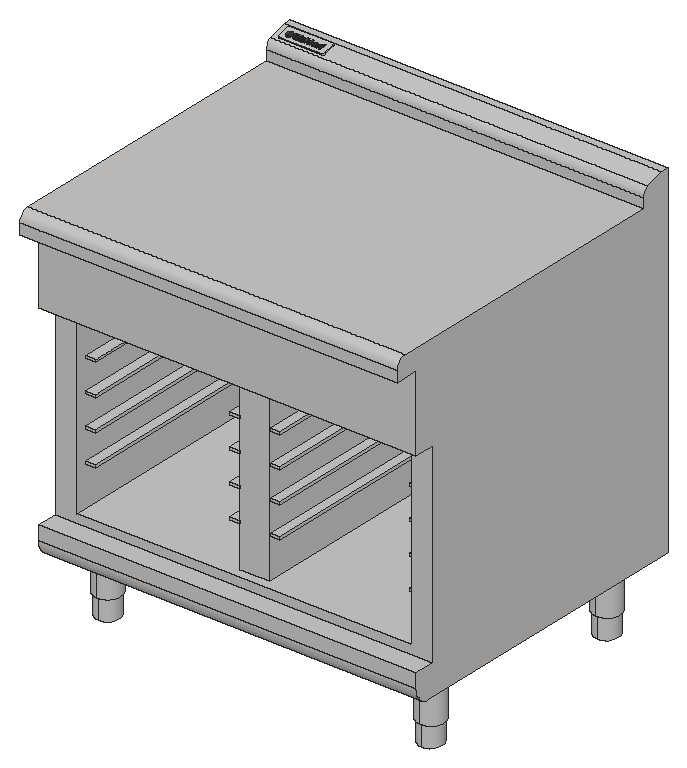
Revit family "QF_MOFFAT WALDORF_BTL8900-CB", category Specialty Equipment, Revit 2012
Parameters
  Weight in Pounds = 194.0066  # constant formula
  Width [instance] = 900.00 mm  # constant formula
  URL Cutsheet = "www.moffat.com"
  URL = "www.moffat.com"
  Type Mark [instance] = ""
  Status [instance] = ""
  Specification by User [instance] = ""
  Specification by Manufacturer = ""
  Show Logo [instance] = yes
  Show Casters [instance] = no
  Serial Number = ""
  Seismic Rating = ""
  SMACNA No = ""
  Revision Code [instance] = ""
  Omniclass Number and Title = ""
  NAFEM Spec ID Number = ""
  Model = "BTL8900-CB"
  Masterspec = ""
  Manufacturer = "MOFFAT WALDORF"
  Legs [instance] = not(Show Casters)  # yes
  Item Number [instance] = ""
  Installed By [instance] = ""
  Identify Quantity as Lot [instance] = yes
  Height = 972.00 mm  # constant formula
  Furnished By [instance] = ""
  Foodservice Equipment Identifier [instance] = yes
  Description = "BENCH TOP LOW SPLASHBACK ON CABINET BASE"
  Depth [instance] = 805.00 mm  # constant formula
  CSI MasterFormat = ""
  CSI Master Format = ""
  Back Splash [instance] = 215.00 mm  # constant formula
Reference planes
  plane 1 "BACK": y = 0
  plane 2: z = 0
  plane 3 "LEFT": x = 0
  plane 4 "RIGHT": x = 900
  plane 5 "FRONT": y = -805
  plane 6 "TOP": z = 972
  plane 7 "Center Y": x = 450
  plane 8 "Center X": y = -402.5
  plane 9 "Base Height": z = 150
  plane 10: z = 915
  plane 11: x = 65
  plane 12: x = 834.938
  plane 13: y = -625
  plane 14: y = -100
Forms (mm)
  Extrusion 1, solid, material "QF_Finishes_Stainless Steel"
    sketch origin (0, 0, 0) x (0, 1, 0) y (0, 0, 1)
      loop
        line (-144, 222.5) -> (-749, 222.5) -> (-749, 188)
        arc (-749, 188) -> (-737.87, 161.13) -> (-711, 150) r 38
        line (-711, 150) -> (0, 150) -> (0, 972) -> (-16.5, 972) -> (-58, 960.88)
        arc (-58, 960.88) -> (-66.785, 952.095) -> (-70, 940.095) r 24
        line (-70, 940.095) -> (-70, 917) -> (-781, 917)
        arc (-781, 917) -> (-797.971, 909.971) -> (-805, 893) r 24
        line (-805, 893) -> (-805, 868) -> (-749, 868) -> (-749, 687) -> (-144, 687) -> (-144, 222.5)
    from 0 to 900
  Revolve 2, solid, material "QF_Finishes_Stainless Steel", visible <- "Legs"
    sketch origin (65, -165, 0) x (0, 1, 0) y (0, 0, 1)
      loop
        line (33.25, 150) -> (33.25, 50) -> (37.5, 50) -> (37.5, 0) -> (65, 0) -> (65, 150) -> (33.25, 150)
      axis (65, 150) -> (65, 0)
    angle from 0 to 360
  Revolve 3, solid, material "QF_Finishes_Stainless Steel"
    sketch origin (65, -735, 0) x (0, 1, 0) y (0, 0, 1)
      loop
        line (78.25, 150) -> (78.25, 50) -> (82.5, 50) -> (82.5, 0) -> (110, 0) -> (110, 150) -> (78.25, 150)
      axis (110, 150) -> (110, 0)
    angle from 0 to 360
  Revolve 4, solid, material "QF_Finishes_Stainless Steel", visible <- "Legs"
    sketch origin (834.938, -165, 0) x (0, 1, 0) y (0, 0, -1)
      loop
        line (33.25, -150) -> (65, -150) -> (65, 0) -> (37.5, 0) -> (37.5, -50) -> (33.25, -50) -> (33.25, -150)
      axis (65, -150) -> (65, 0)
    angle from 0 to 360
  Revolve 5, solid, material "QF_Finishes_Stainless Steel"
    sketch origin (834.938, -735, 0) x (0, 1, 0) y (0, 0, -1)
      loop
        line (78.25, -150) -> (110, -150) -> (110, 0) -> (82.5, 0) -> (82.5, -50) -> (78.25, -50) -> (78.25, -150)
      axis (110, -150) -> (110, 0)
    angle from 0 to 360
  Extrusion 6, solid, material "QF_Finishes_Stainless Steel"
    sketch origin (0, -70, 1085.255) x (0, 0, -1) y (1, 0, 0)
      loop
        line (400.255, 850) -> (400.255, 50) -> (842.755, 50) -> (842.755, 850) -> (400.255, 850)
      loop
        line (345.255, 0) -> (862.755, 0) -> (862.755, 900) -> (345.255, 900) -> (345.255, 0)
    from 0 to 629
  Extrusion 7, solid, material "QF_Finishes_Stainless Steel"
    sketch origin (0, -70, 1085.255) x (0, 0, -1) y (1, 0, 0)
      loop
        line (400.255, 419.5) -> (842.755, 419.5) -> (842.755, 490.5) -> (400.255, 490.5) -> (400.255, 419.5)
    from 74 to 604
  Extrusion 8, solid, material "QF_Finishes_Stainless Steel"
    sketch origin (0, -70, 1085.255) x (0, 0, -1) y (1, 0, 0)
      loop
        line (596.505, 419.5) -> (590.155, 419.5) -> (590.155, 394.5) -> (596.505, 394.5) -> (596.505, 419.5)
      loop
        line (671.505, 419.5) -> (665.155, 419.5) -> (665.155, 394.5) -> (671.505, 394.5) -> (671.505, 419.5)
      loop
        line (671.505, 50) -> (671.505, 75) -> (665.155, 75) -> (665.155, 50) -> (671.505, 50)
      loop
        line (590.155, 75) -> (590.155, 50) -> (596.505, 50) -> (596.505, 75) -> (590.155, 75)
      loop
        line (746.505, 419.5) -> (740.155, 419.5) -> (740.155, 394.5) -> (746.505, 394.5) -> (746.505, 419.5)
      loop
        line (746.505, 50) -> (746.505, 75) -> (740.155, 75) -> (740.155, 50) -> (746.505, 50)
      loop
        line (521.505, 419.5) -> (515.155, 419.5) -> (515.155, 394.5) -> (521.505, 394.5) -> (521.505, 419.5)
      loop
        line (515.155, 75) -> (515.155, 50) -> (521.505, 50) -> (521.505, 75) -> (515.155, 75)
    from 74 to 604
  Extrusion 9, solid, material "QF_Finishes_Stainless Steel"
    sketch origin (430.5, -70, 1085.255) x (0, 0, -1) y (1, 0, 0)
      loop
        line (596.505, 419.5) -> (590.155, 419.5) -> (590.155, 394.5) -> (596.505, 394.5) -> (596.505, 419.5)
      loop
        line (671.505, 419.5) -> (665.155, 419.5) -> (665.155, 394.5) -> (671.505, 394.5) -> (671.505, 419.5)
      loop
        line (671.505, 60) -> (671.505, 85) -> (665.155, 85) -> (665.155, 60) -> (671.505, 60)
      loop
        line (590.155, 85) -> (590.155, 60) -> (596.505, 60) -> (596.505, 85) -> (590.155, 85)
      loop
        line (746.505, 419.5) -> (740.155, 419.5) -> (740.155, 394.5) -> (746.505, 394.5) -> (746.505, 419.5)
      loop
        line (746.505, 60) -> (746.505, 85) -> (740.155, 85) -> (740.155, 60) -> (746.505, 60)
      loop
        line (521.505, 419.5) -> (515.155, 419.5) -> (515.155, 394.5) -> (521.505, 394.5) -> (521.505, 419.5)
      loop
        line (515.155, 85) -> (515.155, 60) -> (521.505, 60) -> (521.505, 85) -> (515.155, 85)
    from 74 to 604
  Extrusion 10, void
    sketch origin (0, 0, 223) x (1, 0, 0) y (0, 1, 0)
      loop
        line (824, -87) -> (824, 0) -> (694, 0) -> (694, -39) -> (744, -87) -> (824, -87)
    from 0 to 476
Cuts and joins
  Extrusion 10 cuts Extrusion 1
  Extrusion 10 cuts Extrusion 6
  joined: Extrusion 1, Extrusion 6
  Extrusion 10 cuts Revolve 4
Lines and regions (mm)
  Split face 1
    outline origin (900, -16.5, 972) x (-1, 0, 0) y (0, -0.965926, -0.258819)
      loop
        line (770.5, 3.416) -> (770.5, 30.86) -> (750.5, 30.86) -> (750.5, 3.416) -> (770.5, 3.416)
  Split face 2
    outline origin (900, -16.5, 972) x (-1, 0, 0) y (0, -0.965926, -0.258819)
      loop
        line (743.544, 3.416) -> (743.544, 30.86) -> (723.544, 30.86) -> (723.544, 3.416) -> (743.544, 3.416)
  Split face 3
    outline origin (900, -16.5, 972) x (-1, 0, 0) y (0, -0.965926, -0.258819)
      loop
        line (696.446, 3.416) -> (716.446, 3.416) -> (716.446, 30.86) -> (696.446, 30.86) -> (696.446, 3.416)
  Split face 4
    outline origin (900, -16.5, 972) x (-1, 0, 0) y (0, -0.965926, -0.258819)
      loop
        line (669.453, 30.86) -> (669.453, 3.416) -> (689.453, 3.416) -> (689.453, 30.86) -> (669.453, 30.86)
  Split face 5
    outline origin (900, -16.5, 972) x (-1, 0, 0) y (0, -0.965926, -0.258819)
      loop
        line (642.5, 30.86) -> (642.5, 3.416) -> (662.5, 3.416) -> (662.5, 30.86) -> (642.5, 30.86)
  Split face 6
    outline origin (900, -16.5, 972) x (-1, 0, 0) y (0, -0.965926, -0.258819)
      loop
        line (615.5, 30.86) -> (615.5, 3.416) -> (635.5, 3.416) -> (635.5, 30.86) -> (615.5, 30.86)
  Split face 7
    outline origin (900, -16.5, 972) x (-1, 0, 0) y (0, -0.965926, -0.258819)
      loop
        line (588.5, 30.86) -> (588.5, 3.416) -> (608.5, 3.416) -> (608.5, 30.86) -> (588.5, 30.86)
  Split face 8
    outline origin (900, -16.5, 972) x (-1, 0, 0) y (0, -0.965926, -0.258819)
      loop
        line (581.5, 30.86) -> (561.5, 30.86) -> (561.5, 3.416) -> (581.5, 3.416) -> (581.5, 30.86)
  Split face 9
    outline origin (900, -16.5, 972) x (-1, 0, 0) y (0, -0.965926, -0.258819)
      loop
        line (554.5, 3.416) -> (554.5, 30.86) -> (534.5, 30.86) -> (534.5, 3.416) -> (554.5, 3.416)
  Split face 10
    outline origin (900, -16.5, 972) x (-1, 0, 0) y (0, -0.965926, -0.258819)
      loop
        line (507.5, 30.86) -> (507.5, 3.416) -> (527.5, 3.416) -> (527.5, 30.86) -> (507.5, 30.86)
  Split face 11
    outline origin (900, -16.5, 972) x (-1, 0, 0) y (0, -0.965926, -0.258819)
      loop
        line (480.5, 30.86) -> (480.5, 3.416) -> (500.5, 3.416) -> (500.5, 30.86) -> (480.5, 30.86)
  Split face 12
    outline origin (900, -16.5, 972) x (-1, 0, 0) y (0, -0.965926, -0.258819)
      loop
        line (453.5, 30.86) -> (453.5, 3.416) -> (473.5, 3.416) -> (473.5, 30.86) -> (453.5, 30.86)
  Split face 13
    outline origin (900, -16.5, 972) x (-1, 0, 0) y (0, -0.965926, -0.258819)
      loop
        line (426.5, 3.416) -> (446.5, 3.416) -> (446.5, 30.86) -> (426.5, 30.86) -> (426.5, 3.416)
  Split face 14
    outline origin (900, -16.5, 972) x (-1, 0, 0) y (0, -0.965926, -0.258819)
      loop
        line (399.5, 3.416) -> (419.5, 3.416) -> (419.5, 30.86) -> (399.5, 30.86) -> (399.5, 3.416)
  Split face 15
    outline origin (900, -16.5, 972) x (-1, 0, 0) y (0, -0.965926, -0.258819)
      loop
        line (372.5, 3.416) -> (392.5, 3.416) -> (392.5, 30.86) -> (372.5, 30.86) -> (372.5, 3.416)
  Split face 16
    outline origin (900, -16.5, 972) x (-1, 0, 0) y (0, -0.965926, -0.258819)
      loop
        line (345.5, 30.86) -> (345.5, 3.416) -> (365.5, 3.416) -> (365.5, 30.86) -> (345.5, 30.86)
  Split face 17
    outline origin (900, -16.5, 972) x (-1, 0, 0) y (0, -0.965926, -0.258819)
      loop
        line (338.5, 30.86) -> (318.5, 30.86) -> (318.5, 3.416) -> (338.5, 3.416) -> (338.5, 30.86)
  Split face 18
    outline origin (900, -16.5, 972) x (-1, 0, 0) y (0, -0.965926, -0.258819)
      loop
        line (291.5, 3.416) -> (311.5, 3.416) -> (311.5, 30.86) -> (291.5, 30.86) -> (291.5, 3.416)
  Split face 19
    outline origin (900, -16.5, 972) x (-1, 0, 0) y (0, -0.965926, -0.258819)
      loop
        line (264.5, 3.416) -> (284.5, 3.416) -> (284.5, 30.86) -> (264.5, 30.86) -> (264.5, 3.416)
  Split face 20
    outline origin (900, -16.5, 972) x (-1, 0, 0) y (0, -0.965926, -0.258819)
      loop
        line (257.5, 3.416) -> (257.5, 30.86) -> (237.5, 30.86) -> (237.5, 3.416) -> (257.5, 3.416)
  Split face 21
    outline origin (900, -16.5, 972) x (-1, 0, 0) y (0, -0.965926, -0.258819)
      loop
        line (230.5, 30.86) -> (210.5, 30.86) -> (210.5, 3.416) -> (230.5, 3.416) -> (230.5, 30.86)
  Split face 22
    outline origin (900, -16.5, 972) x (-1, 0, 0) y (0, -0.965926, -0.258819)
      loop
        line (183.5, 30.86) -> (183.5, 3.416) -> (203.5, 3.416) -> (203.5, 30.86) -> (183.5, 30.86)
  Split face 23
    outline origin (900, -16.5, 972) x (-1, 0, 0) y (0, -0.965926, -0.258819)
      loop
        line (176.5, 30.86) -> (156.5, 30.86) -> (156.5, 3.416) -> (176.5, 3.416) -> (176.5, 30.86)
  Split face 24
    outline origin (900, -16.5, 972) x (-1, 0, 0) y (0, -0.965926, -0.258819)
      loop
        line (129.5, 30.86) -> (129.5, 3.416) -> (149.5, 3.416) -> (149.5, 30.86) -> (129.5, 30.86)
  symbolic lines
    curve 1: line (0, 0, 0) -> (0, -805, 0)
    curve 2: line (900, 0, 0) -> (0, 0, 0)
    curve 3: line (900, -805, 0) -> (900, 0, 0)
    curve 4: line (0, -70, 0) -> (900, -70, 0)
    curve 5: line (0, -805, 0) -> (900, -805, 0)
    curve 6: line (12.5, -51.234, 0) -> (12.5, -20.958, 0)
    curve 7: line (12.5, -20.958, 0) -> (121.5, -20.958, 0)
    curve 8: line (121.5, -20.958, 0) -> (121.5, -51.234, 0)
    curve 9: line (12.5, -51.234, 0) -> (121.5, -51.234, 0)
    curve 10: line (129.5, -49.861, 0) -> (129.5, -21.802, 0)
    curve 11: line (129.5, -21.802, 0) -> (149.5, -21.802, 0)
    curve 12: line (149.5, -21.802, 0) -> (149.5, -49.861, 0)
    curve 13: line (149.5, -49.861, 0) -> (129.5, -49.861, 0)
    curve 14: line (156.456, -49.861, 0) -> (156.456, -21.802, 0)
    curve 15: line (156.456, -21.802, 0) -> (176.456, -21.802, 0)
    curve 16: line (176.456, -21.802, 0) -> (176.456, -49.861, 0)
    curve 17: line (176.456, -49.861, 0) -> (156.456, -49.861, 0)
    curve 18: line (183.554, -49.861, 0) -> (183.554, -21.802, 0)
    curve 19: line (183.554, -21.802, 0) -> (203.554, -21.802, 0)
    curve 20: line (203.554, -21.802, 0) -> (203.554, -49.861, 0)
    curve 21: line (203.554, -49.861, 0) -> (183.554, -49.861, 0)
    curve 22: line (210.547, -49.861, 0) -> (210.547, -21.802, 0)
    curve 23: line (210.547, -21.802, 0) -> (230.547, -21.802, 0)
    curve 24: line (230.547, -21.802, 0) -> (230.547, -49.861, 0)
    curve 25: line (230.547, -49.861, 0) -> (210.547, -49.861, 0)
    curve 26: line (237.5, -49.861, 0) -> (237.5, -21.802, 0)
    curve 27: line (237.5, -21.802, 0) -> (257.5, -21.802, 0)
    curve 28: line (257.5, -21.802, 0) -> (257.5, -49.861, 0)
    curve 29: line (257.5, -49.861, 0) -> (237.5, -49.861, 0)
    curve 30: line (264.5, -49.861, 0) -> (264.5, -21.802, 0)
    curve 31: line (264.5, -21.802, 0) -> (284.5, -21.802, 0)
    curve 32: line (284.5, -21.802, 0) -> (284.5, -49.861, 0)
    curve 33: line (284.5, -49.861, 0) -> (264.5, -49.861, 0)
    curve 34: line (291.5, -49.861, 0) -> (291.5, -21.802, 0)
    curve 35: line (291.5, -21.802, 0) -> (311.5, -21.802, 0)
    curve 36: line (311.5, -21.802, 0) -> (311.5, -49.861, 0)
    curve 37: line (311.5, -49.861, 0) -> (291.5, -49.861, 0)
    curve 38: line (318.5, -49.861, 0) -> (318.5, -21.802, 0)
    curve 39: line (318.5, -21.802, 0) -> (338.5, -21.802, 0)
    curve 40: line (338.5, -21.802, 0) -> (338.5, -49.861, 0)
    curve 41: line (338.5, -49.861, 0) -> (318.5, -49.861, 0)
    curve 42: line (345.5, -49.861, 0) -> (345.5, -21.802, 0)
    curve 43: line (345.5, -21.802, 0) -> (365.5, -21.802, 0)
    curve 44: line (365.5, -21.802, 0) -> (365.5, -49.861, 0)
    curve 45: line (365.5, -49.861, 0) -> (345.5, -49.861, 0)
    curve 46: line (372.5, -49.861, 0) -> (372.5, -21.802, 0)
    curve 47: line (372.5, -21.802, 0) -> (392.5, -21.802, 0)
    curve 48: line (392.5, -21.802, 0) -> (392.5, -49.861, 0)
    curve 49: line (392.5, -49.861, 0) -> (372.5, -49.861, 0)
    curve 50: line (399.5, -49.861, 0) -> (399.5, -21.802, 0)
    curve 51: line (399.5, -21.802, 0) -> (419.5, -21.802, 0)
    curve 52: line (419.5, -21.802, 0) -> (419.5, -49.861, 0)
    curve 53: line (419.5, -49.861, 0) -> (399.5, -49.861, 0)
    curve 54: line (426.5, -49.861, 0) -> (426.5, -21.802, 0)
    curve 55: line (426.5, -21.802, 0) -> (446.5, -21.802, 0)
    curve 56: line (446.5, -21.802, 0) -> (446.5, -49.861, 0)
    curve 57: line (446.5, -49.861, 0) -> (426.5, -49.861, 0)
    curve 58: line (453.5, -49.861, 0) -> (453.5, -21.802, 0)
    curve 59: line (453.5, -21.802, 0) -> (473.5, -21.802, 0)
    curve 60: line (473.5, -21.802, 0) -> (473.5, -49.861, 0)
    curve 61: line (473.5, -49.861, 0) -> (453.5, -49.861, 0)
    curve 62: line (480.5, -49.861, 0) -> (480.5, -21.802, 0)
    curve 63: line (480.5, -21.802, 0) -> (500.5, -21.802, 0)
    curve 64: line (500.5, -21.802, 0) -> (500.5, -49.861, 0)
    curve 65: line (500.5, -49.861, 0) -> (480.5, -49.861, 0)
    curve 66: line (507.5, -49.861, 0) -> (507.5, -21.802, 0)
    curve 67: line (507.5, -21.802, 0) -> (527.5, -21.802, 0)
    curve 68: line (527.5, -21.802, 0) -> (527.5, -49.861, 0)
    curve 69: line (527.5, -49.861, 0) -> (507.5, -49.861, 0)
    curve 70: line (534.5, -49.861, 0) -> (534.5, -21.802, 0)
    curve 71: line (534.5, -21.802, 0) -> (554.5, -21.802, 0)
    curve 72: line (554.5, -21.802, 0) -> (554.5, -49.861, 0)
    curve 73: line (554.5, -49.861, 0) -> (534.5, -49.861, 0)
    curve 74: line (561.5, -49.861, 0) -> (561.5, -21.802, 0)
    curve 75: line (561.5, -21.802, 0) -> (581.5, -21.802, 0)
    curve 76: line (581.5, -21.802, 0) -> (581.5, -49.861, 0)
    curve 77: line (581.5, -49.861, 0) -> (561.5, -49.861, 0)
    curve 78: line (588.5, -49.861, 0) -> (588.5, -21.802, 0)
    curve 79: line (588.5, -21.802, 0) -> (608.5, -21.802, 0)
    curve 80: line (608.5, -21.802, 0) -> (608.5, -49.861, 0)
    curve 81: line (608.5, -49.861, 0) -> (588.5, -49.861, 0)
    curve 82: line (615.5, -49.861, 0) -> (615.5, -21.802, 0)
    curve 83: line (615.5, -21.802, 0) -> (635.5, -21.802, 0)
    curve 84: line (635.5, -21.802, 0) -> (635.5, -49.861, 0)
    curve 85: line (635.5, -49.861, 0) -> (615.5, -49.861, 0)
    curve 86: line (642.5, -49.861, 0) -> (642.5, -21.802, 0)
    curve 87: line (642.5, -21.802, 0) -> (662.5, -21.802, 0)
    curve 88: line (662.5, -21.802, 0) -> (662.5, -49.861, 0)
    curve 89: line (662.5, -49.861, 0) -> (642.5, -49.861, 0)
    curve 90: line (669.5, -49.861, 0) -> (669.5, -21.802, 0)
    curve 91: line (669.5, -21.802, 0) -> (689.5, -21.802, 0)
    curve 92: line (689.5, -21.802, 0) -> (689.5, -49.861, 0)
    curve 93: line (689.5, -49.861, 0) -> (669.5, -49.861, 0)
    curve 94: line (696.5, -49.861, 0) -> (696.5, -21.802, 0)
    curve 95: line (696.5, -21.802, 0) -> (716.5, -21.802, 0)
    curve 96: line (716.5, -21.802, 0) -> (716.5, -49.861, 0)
    curve 97: line (716.5, -49.861, 0) -> (696.5, -49.861, 0)
    curve 98: line (723.5, -49.861, 0) -> (723.5, -21.802, 0)
    curve 99: line (723.5, -21.802, 0) -> (743.5, -21.802, 0)
    curve 100: line (743.5, -21.802, 0) -> (743.5, -49.861, 0)
    curve 101: line (743.5, -49.861, 0) -> (723.5, -49.861, 0)
    curve 102: line (750.5, -49.861, 0) -> (750.5, -21.802, 0)
    curve 103: line (750.5, -21.802, 0) -> (770.5, -21.802, 0)
    curve 104: line (770.5, -21.802, 0) -> (770.5, -49.861, 0)
    curve 105: line (770.5, -49.861, 0) -> (750.5, -49.861, 0)
Dimensions and locks
  equal spacing: plane 3 "LEFT", plane 7 "Center Y", plane 4 "RIGHT"
  "Width": plane 3 "LEFT" to plane 4 "RIGHT"
  equal spacing: plane 5 "FRONT", plane 8 "Center X", plane 1 "BACK"
  "Depth": plane 5 "FRONT" to plane 1 "BACK"
  locked: plane 10 to level at 915
  locked: plane 9 "Base Height" to level at 150
  nested 1 to plane 6 "TOP" to nested 1 to plane 10 = 0.882 mm, 7.954 mm, 49.046 mm
  plane 13 to plane 14 = 525.00 mm
  plane 12 to plane 11 = 769.938 mm
  "Height": plane 6 "TOP" to level
  aligned and locked: level to plane 2
Automatic sketch dimensions
  Revolve 2 sketch curve to plane 9 "Base Height" = 0.00 mm
  Revolve 2 sketch curve to level = 0.00 mm
  Revolve 2 sketch curve to plane 14 = 0.00 mm  (x2)
  Revolve 2 sketch curve to Revolve 2 sketch curve = 27.50 mm
  Revolve 2 sketch curve to Revolve 2 sketch curve = 31.75 mm
  Revolve 2 sketch curve to level = 55.00 mm
  Revolve 2 sketch curve to Revolve 2 sketch curve = 50.00 mm
  Revolve 2 sketch curve to Revolve 2 sketch curve = 0.00 mm
  Revolve 3 sketch curve to plane 9 "Base Height" = 0.00 mm
  Revolve 3 sketch curve to level = 0.00 mm
  Revolve 3 sketch curve to plane 13 = 0.00 mm  (x2)
  Revolve 3 sketch curve to plane 13 = 27.50 mm
  Revolve 3 sketch curve to Revolve 3 sketch curve = 31.75 mm
  Revolve 3 sketch curve to Revolve 3 sketch curve = 55.00 mm
  level to Revolve 3 sketch curve = 50.00 mm
  Revolve 3 sketch curve to Revolve 3 sketch curve = 0.00 mm
  Revolve 4 sketch curve to plane 9 "Base Height" = 0.00 mm
  Revolve 4 sketch curve to level = 0.00 mm
  Revolve 4 sketch curve to plane 14 = 0.00 mm  (x2)
  Revolve 4 sketch curve to Revolve 4 sketch curve = 27.50 mm
  Revolve 4 sketch curve to Revolve 4 sketch curve = 31.75 mm
  level to Revolve 4 sketch curve = 50.00 mm
  Revolve 4 sketch curve to Revolve 4 sketch curve = 0.00 mm
  Revolve 4 sketch curve to Revolve 4 sketch curve = 55.00 mm
  Revolve 5 sketch curve to plane 9 "Base Height" = 0.00 mm
  Revolve 5 sketch curve to level = 0.00 mm
  Revolve 5 sketch curve to plane 13 = 0.00 mm  (x2)
  Revolve 5 sketch curve to plane 13 = 27.50 mm
  Revolve 5 sketch curve to plane 13 = 31.75 mm
  level to Revolve 5 sketch curve = 50.00 mm
  Revolve 5 sketch curve to Revolve 5 sketch curve = 0.00 mm
  Revolve 5 sketch curve to Revolve 5 sketch curve = 55.00 mm
  Extrusion 7 sketch curve to Extrusion 7 sketch curve = 71.00 mm
  Extrusion 8 sketch curve to Extrusion 8 sketch curve = 6.35 mm  (x8)
  Extrusion 8 sketch curve to Extrusion 8 sketch curve = 68.65 mm  (x6)
  Extrusion 8 sketch curve to Extrusion 8 sketch curve = 25.00 mm  (x8)
  Extrusion 8 sketch curve to Extrusion 8 sketch curve = 319.50 mm
  Extrusion 8 sketch curve to Extrusion 8 sketch curve = 0.00 mm  (x4)
  Extrusion 9 sketch curve to Extrusion 9 sketch curve = 6.35 mm  (x8)
  Extrusion 9 sketch curve to Extrusion 9 sketch curve = 68.65 mm  (x6)
  Extrusion 9 sketch curve to Extrusion 9 sketch curve = 25.00 mm  (x8)
  Extrusion 9 sketch curve to Extrusion 9 sketch curve = 0.00 mm  (x6)
  Extrusion 9 sketch curve to Extrusion 9 sketch curve = 309.50 mm
  cut or joined group of Extrusion 1, Extrusion 6, Extrusion 10 to Split face 1 sketch curve = 3.416 mm
  Split face 1 sketch curve to cut or joined group of Extrusion 1, Extrusion 6, Extrusion 10 = 149.50 mm
  Split face 1 sketch curve to Split face 1 sketch curve = 20.00 mm
  Split face 1 sketch curve to cut or joined group of Extrusion 1, Extrusion 6, Extrusion 10 = 12.104 mm
  cut or joined group of Extrusion 1, Extrusion 6, Extrusion 10 to Split face 2 sketch curve = 3.416 mm
  Split face 2 sketch curve to cut or joined group of Extrusion 1, Extrusion 6, Extrusion 10 = 176.456 mm
  Split face 2 sketch curve to Split face 2 sketch curve = 20.00 mm
  Split face 2 sketch curve to cut or joined group of Extrusion 1, Extrusion 6, Extrusion 10 = 12.104 mm
  cut or joined group of Extrusion 1, Extrusion 6, Extrusion 10 to Split face 3 sketch curve = 3.416 mm
  Split face 3 sketch curve to Split face 3 sketch curve = 20.00 mm
  Split face 3 sketch curve to cut or joined group of Extrusion 1, Extrusion 6, Extrusion 10 = 12.104 mm
  Split face 3 sketch curve to cut or joined group of Extrusion 1, Extrusion 6, Extrusion 10 = 203.554 mm
  Split face 4 sketch curve to cut or joined group of Extrusion 1, Extrusion 6, Extrusion 10 = 12.104 mm
  Split face 4 sketch curve to cut or joined group of Extrusion 1, Extrusion 6, Extrusion 10 = 230.547 mm
  cut or joined group of Extrusion 1, Extrusion 6, Extrusion 10 to Split face 4 sketch curve = 3.416 mm
  Split face 4 sketch curve to Split face 4 sketch curve = 20.00 mm
  cut or joined group of Extrusion 1, Extrusion 6, Extrusion 10 to Split face 5 sketch curve = 3.416 mm
  Split face 5 sketch curve to cut or joined group of Extrusion 1, Extrusion 6, Extrusion 10 = 257.50 mm
  Split face 5 sketch curve to Split face 5 sketch curve = 20.00 mm
  Split face 5 sketch curve to cut or joined group of Extrusion 1, Extrusion 6, Extrusion 10 = 12.104 mm
  Split face 6 sketch curve to cut or joined group of Extrusion 1, Extrusion 6, Extrusion 10 = 12.104 mm
  Split face 6 sketch curve to cut or joined group of Extrusion 1, Extrusion 6, Extrusion 10 = 284.50 mm
  cut or joined group of Extrusion 1, Extrusion 6, Extrusion 10 to Split face 6 sketch curve = 3.416 mm
  Split face 6 sketch curve to Split face 6 sketch curve = 20.00 mm
  Split face 7 sketch curve to cut or joined group of Extrusion 1, Extrusion 6, Extrusion 10 = 12.104 mm
  Split face 7 sketch curve to cut or joined group of Extrusion 1, Extrusion 6, Extrusion 10 = 311.50 mm
  cut or joined group of Extrusion 1, Extrusion 6, Extrusion 10 to Split face 7 sketch curve = 3.416 mm
  Split face 7 sketch curve to Split face 7 sketch curve = 20.00 mm
  Split face 8 sketch curve to cut or joined group of Extrusion 1, Extrusion 6, Extrusion 10 = 12.104 mm
  Split face 8 sketch curve to cut or joined group of Extrusion 1, Extrusion 6, Extrusion 10 = 338.50 mm
  cut or joined group of Extrusion 1, Extrusion 6, Extrusion 10 to Split face 8 sketch curve = 3.416 mm
  Split face 8 sketch curve to Split face 8 sketch curve = 20.00 mm
  cut or joined group of Extrusion 1, Extrusion 6, Extrusion 10 to Split face 9 sketch curve = 3.416 mm
  Split face 9 sketch curve to cut or joined group of Extrusion 1, Extrusion 6, Extrusion 10 = 365.50 mm
  Split face 9 sketch curve to Split face 9 sketch curve = 20.00 mm
  Split face 9 sketch curve to cut or joined group of Extrusion 1, Extrusion 6, Extrusion 10 = 12.104 mm
  Split face 10 sketch curve to cut or joined group of Extrusion 1, Extrusion 6, Extrusion 10 = 12.104 mm
  Split face 10 sketch curve to cut or joined group of Extrusion 1, Extrusion 6, Extrusion 10 = 392.50 mm
  cut or joined group of Extrusion 1, Extrusion 6, Extrusion 10 to Split face 10 sketch curve = 3.416 mm
  Split face 10 sketch curve to Split face 10 sketch curve = 20.00 mm
  Split face 11 sketch curve to cut or joined group of Extrusion 1, Extrusion 6, Extrusion 10 = 12.104 mm
  Split face 11 sketch curve to Split face 11 sketch curve = 20.00 mm
  cut or joined group of Extrusion 1, Extrusion 6, Extrusion 10 to Split face 11 sketch curve = 3.416 mm
  Split face 11 sketch curve to cut or joined group of Extrusion 1, Extrusion 6, Extrusion 10 = 419.50 mm
  Split face 12 sketch curve to cut or joined group of Extrusion 1, Extrusion 6, Extrusion 10 = 12.104 mm
  Split face 12 sketch curve to cut or joined group of Extrusion 1, Extrusion 6, Extrusion 10 = 446.50 mm
  cut or joined group of Extrusion 1, Extrusion 6, Extrusion 10 to Split face 12 sketch curve = 3.416 mm
  Split face 12 sketch curve to Split face 12 sketch curve = 20.00 mm
  cut or joined group of Extrusion 1, Extrusion 6, Extrusion 10 to Split face 13 sketch curve = 3.416 mm
  Split face 13 sketch curve to cut or joined group of Extrusion 1, Extrusion 6, Extrusion 10 = 473.50 mm
  Split face 13 sketch curve to Split face 13 sketch curve = 20.00 mm
  Split face 13 sketch curve to cut or joined group of Extrusion 1, Extrusion 6, Extrusion 10 = 12.104 mm
  cut or joined group of Extrusion 1, Extrusion 6, Extrusion 10 to Split face 14 sketch curve = 3.416 mm
  Split face 14 sketch curve to cut or joined group of Extrusion 1, Extrusion 6, Extrusion 10 = 399.50 mm
  Split face 14 sketch curve to Split face 14 sketch curve = 20.00 mm
  Split face 14 sketch curve to cut or joined group of Extrusion 1, Extrusion 6, Extrusion 10 = 12.104 mm
  cut or joined group of Extrusion 1, Extrusion 6, Extrusion 10 to Split face 15 sketch curve = 3.416 mm
  Split face 15 sketch curve to cut or joined group of Extrusion 1, Extrusion 6, Extrusion 10 = 372.50 mm
  Split face 15 sketch curve to Split face 15 sketch curve = 20.00 mm
  Split face 15 sketch curve to cut or joined group of Extrusion 1, Extrusion 6, Extrusion 10 = 12.104 mm
  Split face 16 sketch curve to cut or joined group of Extrusion 1, Extrusion 6, Extrusion 10 = 12.104 mm
  Split face 16 sketch curve to cut or joined group of Extrusion 1, Extrusion 6, Extrusion 10 = 345.50 mm
  cut or joined group of Extrusion 1, Extrusion 6, Extrusion 10 to Split face 16 sketch curve = 3.416 mm
  Split face 16 sketch curve to Split face 16 sketch curve = 20.00 mm
  Split face 17 sketch curve to cut or joined group of Extrusion 1, Extrusion 6, Extrusion 10 = 12.104 mm
  Split face 17 sketch curve to cut or joined group of Extrusion 1, Extrusion 6, Extrusion 10 = 318.50 mm
  cut or joined group of Extrusion 1, Extrusion 6, Extrusion 10 to Split face 17 sketch curve = 3.416 mm
  Split face 17 sketch curve to Split face 17 sketch curve = 20.00 mm
  Split face 18 sketch curve to cut or joined group of Extrusion 1, Extrusion 6, Extrusion 10 = 12.104 mm
  Split face 18 sketch curve to cut or joined group of Extrusion 1, Extrusion 6, Extrusion 10 = 291.50 mm
  cut or joined group of Extrusion 1, Extrusion 6, Extrusion 10 to Split face 18 sketch curve = 3.416 mm
  Split face 18 sketch curve to Split face 18 sketch curve = 20.00 mm
  cut or joined group of Extrusion 1, Extrusion 6, Extrusion 10 to Split face 19 sketch curve = 3.416 mm
  Split face 19 sketch curve to cut or joined group of Extrusion 1, Extrusion 6, Extrusion 10 = 264.50 mm
  Split face 19 sketch curve to Split face 19 sketch curve = 20.00 mm
  Split face 19 sketch curve to cut or joined group of Extrusion 1, Extrusion 6, Extrusion 10 = 12.104 mm
  cut or joined group of Extrusion 1, Extrusion 6, Extrusion 10 to Split face 20 sketch curve = 3.416 mm
  Split face 20 sketch curve to cut or joined group of Extrusion 1, Extrusion 6, Extrusion 10 = 237.50 mm
  Split face 20 sketch curve to Split face 20 sketch curve = 20.00 mm
  Split face 20 sketch curve to cut or joined group of Extrusion 1, Extrusion 6, Extrusion 10 = 12.104 mm
  Split face 21 sketch curve to cut or joined group of Extrusion 1, Extrusion 6, Extrusion 10 = 12.104 mm
  Split face 21 sketch curve to cut or joined group of Extrusion 1, Extrusion 6, Extrusion 10 = 210.50 mm
  cut or joined group of Extrusion 1, Extrusion 6, Extrusion 10 to Split face 21 sketch curve = 3.416 mm
  Split face 21 sketch curve to Split face 21 sketch curve = 20.00 mm
  cut or joined group of Extrusion 1, Extrusion 6, Extrusion 10 to Split face 22 sketch curve = 3.416 mm
  Split face 22 sketch curve to cut or joined group of Extrusion 1, Extrusion 6, Extrusion 10 = 183.50 mm
  Split face 22 sketch curve to Split face 22 sketch curve = 20.00 mm
  Split face 22 sketch curve to cut or joined group of Extrusion 1, Extrusion 6, Extrusion 10 = 12.104 mm
  Split face 23 sketch curve to cut or joined group of Extrusion 1, Extrusion 6, Extrusion 10 = 12.104 mm
  Split face 23 sketch curve to cut or joined group of Extrusion 1, Extrusion 6, Extrusion 10 = 156.50 mm
  cut or joined group of Extrusion 1, Extrusion 6, Extrusion 10 to Split face 23 sketch curve = 3.416 mm
  Split face 23 sketch curve to Split face 23 sketch curve = 20.00 mm
  cut or joined group of Extrusion 1, Extrusion 6, Extrusion 10 to Split face 24 sketch curve = 3.416 mm
  Split face 24 sketch curve to cut or joined group of Extrusion 1, Extrusion 6, Extrusion 10 = 129.50 mm
  Split face 24 sketch curve to Split face 24 sketch curve = 20.00 mm
  Split face 24 sketch curve to cut or joined group of Extrusion 1, Extrusion 6, Extrusion 10 = 12.104 mm
  plane 1 "BACK" to curve 1 = 0.00 mm
  curve 1 to plane 3 "LEFT" = 0.00 mm
  curve 2 to plane 4 "RIGHT" = 0.00 mm
  plane 5 "FRONT" to curve 5 = 0.00 mm
  plane 3 "LEFT" to curve 9 = 12.50 mm
  plane 1 "BACK" to curve 8 = 20.958 mm
  plane 11 to curve 8 = 56.50 mm
  curve 8 to curve 10 = 8.00 mm
  curve 10 to curve 12 = 20.00 mm
  curve 11 to curve 15 = 6.956 mm
  curve 14 to curve 15 = 20.00 mm
  curve 16 to curve 21 = 7.098 mm
  curve 18 to curve 19 = 20.00 mm
  curve 19 to curve 22 = 6.993 mm
  curve 22 to curve 24 = 20.00 mm
  curve 23 to curve 27 = 6.953 mm
  curve 26 to curve 27 = 20.00 mm
  curve 28 to curve 33 = 7.00 mm
  curve 30 to curve 33 = 20.00 mm
  curve 32 to curve 34 = 7.00 mm
  curve 34 to curve 37 = 20.00 mm
  curve 36 to curve 38 = 7.00 mm
  curve 38 to curve 39 = 20.00 mm
  curve 39 to curve 43 = 7.00 mm
  curve 42 to curve 44 = 20.00 mm
  curve 44 to curve 46 = 7.00 mm
  curve 46 to curve 48 = 20.00 mm
  curve 48 to curve 50 = 7.00 mm
  curve 50 to curve 52 = 20.00 mm
  curve 52 to curve 54 = 7.00 mm
  curve 56 to plane 7 "Center Y" = 3.50 mm
  plane 7 "Center Y" to curve 61 = 3.50 mm
  curve 58 to curve 59 = 20.00 mm
  curve 60 to curve 65 = 7.00 mm
  curve 62 to curve 64 = 20.00 mm
  curve 64 to curve 66 = 7.00 mm
  curve 66 to curve 68 = 20.00 mm
  curve 67 to curve 71 = 7.00 mm
  curve 70 to curve 71 = 20.00 mm
  curve 72 to curve 77 = 7.00 mm
  curve 74 to curve 76 = 20.00 mm
  curve 75 to curve 79 = 7.00 mm
  curve 78 to curve 79 = 20.00 mm
  curve 80 to curve 85 = 7.00 mm
  curve 82 to curve 85 = 20.00 mm
  curve 84 to curve 86 = 7.00 mm
  curve 86 to curve 89 = 20.00 mm
  curve 88 to curve 90 = 7.00 mm
  curve 90 to curve 91 = 20.00 mm
  curve 91 to curve 95 = 7.00 mm
  curve 94 to curve 96 = 20.00 mm
  curve 96 to curve 98 = 7.00 mm
  curve 98 to curve 100 = 20.00 mm
  curve 100 to curve 102 = 7.00 mm
  curve 102 to curve 105 = 20.00 mm
  plane 14 to curve 4 = 30.00 mm
  curve 4 to curve 6 = 18.766 mm
  plane 1 "BACK" to curve 101 = 49.861 mm
  curve 100 to curve 104 = 0.00 mm
  plane 1 "BACK" to curve 53 = 49.861 mm
  curve 8 to curve 10 = 1.373 mm
  curve 97 to curve 98 = 0.00 mm
  curve 12 to curve 14 = 0.00 mm  (x2)
  curve 93 to curve 94 = 0.00 mm
  curve 16 to curve 18 = 0.00 mm  (x2)
  curve 89 to curve 90 = 0.00 mm
  curve 20 to curve 22 = 0.00 mm  (x2)
  curve 85 to curve 86 = 0.00 mm
  curve 24 to curve 26 = 0.00 mm  (x2)
  curve 81 to curve 82 = 0.00 mm
  curve 28 to curve 30 = 0.00 mm  (x2)
  curve 77 to curve 78 = 0.00 mm
  curve 32 to curve 34 = 0.00 mm  (x2)
  curve 73 to curve 74 = 0.00 mm
  curve 36 to curve 38 = 0.00 mm  (x2)
  curve 69 to curve 70 = 0.00 mm
  curve 40 to curve 42 = 0.00 mm  (x2)
  curve 65 to curve 66 = 0.00 mm
  curve 44 to curve 46 = 0.00 mm  (x2)
  curve 61 to curve 62 = 0.00 mm
  curve 52 to curve 57 = 0.00 mm
  plane 1 "BACK" to curve 52 = 21.802 mm
  curve 51 to curve 54 = 0.00 mm
  curve 48 to curve 50 = 0.00 mm
  curve 55 to curve 58 = 0.00 mm
  curve 59 to curve 62 = 0.00 mm
  curve 63 to curve 66 = 0.00 mm
  curve 67 to curve 70 = 0.00 mm
  curve 71 to curve 74 = 0.00 mm
  curve 75 to curve 78 = 0.00 mm
  curve 79 to curve 82 = 0.00 mm
  curve 83 to curve 86 = 0.00 mm
  curve 87 to curve 90 = 0.00 mm
  curve 91 to curve 94 = 0.00 mm
  plane 1 "BACK" to curve 104 = 21.802 mm
  curve 95 to curve 98 = 0.00 mm
  plane 1 "BACK" to Extrusion 10 sketch curve = 0.00 mm
  plane 1 "BACK" to Extrusion 10 sketch curve = 39.00 mm
  plane 12 to Extrusion 10 sketch curve = 140.937 mm
  plane 14 to Extrusion 10 sketch curve = 13.00 mm
  Extrusion 10 sketch curve to Extrusion 10 sketch curve = 50.00 mm
  plane 12 to Extrusion 10 sketch curve = 10.937 mm
  Extrusion 6 sketch curve to plane 3 "LEFT" = 0.00 mm
  plane 4 "RIGHT" to Extrusion 6 sketch curve = 0.00 mm
  Extrusion 6 sketch curve to plane 10 = 175.00 mm
  Extrusion 6 sketch curve to plane 12 = 15.063 mm
  Extrusion 6 sketch curve to Extrusion 6 sketch curve = 55.00 mm
  plane 9 "Base Height" to Extrusion 6 sketch curve = 92.50 mm
  Extrusion 6 sketch curve to Extrusion 6 sketch curve = 20.00 mm
  Extrusion 6 sketch curve to plane 11 = 15.00 mm
  plane 7 "Center Y" to Extrusion 7 sketch curve = 40.50 mm
  Extrusion 7 sketch curve to plane 10 = 230.00 mm
  plane 9 "Base Height" to Extrusion 7 sketch curve = 92.50 mm
  Extrusion 8 sketch curve to plane 11 = 15.00 mm  (x3)
  Extrusion 8 sketch curve to plane 10 = 344.90 mm
  Extrusion 8 sketch curve to plane 7 "Center Y" = 30.50 mm
  plane 7 "Center Y" to Extrusion 9 sketch curve = 40.50 mm
  Extrusion 9 sketch curve to plane 10 = 344.90 mm
  Extrusion 9 sketch curve to plane 12 = 15.063 mm
  Extrusion 1 sketch curve to plane 5 "FRONT" = 0.00 mm
  plane 10 to Extrusion 1 sketch curve = 2.00 mm
  Extrusion 1 sketch curve to plane 9 "Base Height" = 0.00 mm
  Extrusion 1 sketch curve to plane 6 "TOP" = 0.00 mm
  Extrusion 1 sketch curve to plane 1 "BACK" = 0.00 mm
  Extrusion 1 sketch curve to plane 5 "FRONT" = 24.00 mm
  Extrusion 1 sketch curve to plane 5 "FRONT" = 56.00 mm  (x2)
  Extrusion 1 sketch curve to Extrusion 1 sketch curve = 38.00 mm
  Extrusion 1 sketch curve to plane 14 = 44.00 mm
  Extrusion 1 sketch curve to plane 6 "TOP" = 11.12 mm
  Extrusion 1 sketch curve to Extrusion 1 sketch curve = 12.00 mm
  Extrusion 1 sketch curve to Extrusion 1 sketch curve = 24.00 mm
  plane 1 "BACK" to Extrusion 1 sketch curve = 16.50 mm
  Extrusion 1 sketch curve to Extrusion 1 sketch curve = 34.50 mm
  Extrusion 1 sketch curve to Extrusion 1 sketch curve = 206.00 mm
  Extrusion 1 sketch curve to Extrusion 1 sketch curve = 25.00 mm
  plane 14 to Extrusion 1 sketch curve = 30.00 mm
Nested families
  nested 1: "WALDORF-LOGO" at (12.5, -35.273, 938.69), visible <- "Show Logo", type "WALDORF-LOGO", detail levels medium+fine
    with Type Mark "", Status "", Specification by User "", Revision Code "", Item Number "", Installed By "", Identify Quantity as Lot yes, Furnished By "", Foodservice Equipment Identifier yes
  nested 2: "BTL8900-CB-CASTERS" at (65, -100, 0), Show Casters <- "Show Casters", visible <- "Show Casters", type "BTL8900-CB-CASTERS"
    with Type Mark "", Status "", Specification by User "", Show Casters no, Revision Code "", Item Number "", Installed By "", Identify Quantity as Lot yes, Furnished By "", Foodservice Equipment Identifier yes
  nested 3: "BTL8900-CB-CASTERS" at (834.938, -100, 0), Show Casters <- "Show Casters", visible <- "Show Casters", type "BTL8900-CB-CASTERS"
    with Type Mark "", Status "", Specification by User "", Show Casters no, Revision Code "", Item Number "", Installed By "", Identify Quantity as Lot yes, Furnished By "", Foodservice Equipment Identifier yes
Definition of nested family "WALDORF-LOGO"
  Parameters (values of type "WALDORF-LOGO")
    Weight in Pounds = 0
    URL Cutsheet = ""
    Type Mark [instance] = ""
    Status [instance] = ""
    Specification by User [instance] = ""
    Specification by Manufacturer = ""
    Show Logo [instance] = yes
    Serial Number = ""
    Seismic Rating = ""
    SMACNA No = ""
    Revision Code [instance] = ""
    Omniclass Number and Title = ""
    NAFEM Spec ID Number = ""
    Masterspec = ""
    Item Number [instance] = ""
    Installed By [instance] = ""
    Identify Quantity as Lot [instance] = yes
    Furnished By [instance] = ""
    Foodservice Equipment Identifier [instance] = yes
    CSI MasterFormat = ""
    CSI Master Format = ""
  Reference planes
    plane 1 "BACK": y = 0
    plane 2: z = 0
    plane 3 "LEFT": x = 0
    plane 4 "RIGHT": x = 109
    plane 5 "FRONT": y = -1.588
    plane 6 "TOP": z = 34.14
    plane 7 "Center Y": x = 54.5
    plane 8 "Center X": y = -0.794
    plane 9: through (-6096, 21.87, 34.14) normal (0, -0.2588, 0.9659)
  Forms (mm)
    Extrusion 1, solid, material "QF_Finishes_Stainless Steel", visible <- "Show Logo"
      sketch origin (0, -16.636, 23.822) x (1, 0, 0) y (0, 0.965926, 0.258819)
        loop
          arc (5, 34.14) -> (1.464, 32.676) -> (0, 29.14) r 5
          line (0, 29.14) -> (0, 5)
          arc (0, 5) -> (1.464, 1.464) -> (5, 0) r 5
          line (5, 0) -> (104, 0)
          arc (104, 0) -> (107.536, 1.464) -> (109, 5) r 5
          line (109, 5) -> (109, 29.14)
          arc (109, 29.14) -> (107.536, 32.676) -> (104, 34.14) r 5
          line (104, 34.14) -> (5, 34.14)
      from 0 to 1.588
    Extrusion 2, solid, material "QF_Finishes_Black", visible <- "Show Logo"
      sketch origin (0, -17.047, 25.356) x (1, 0, 0) y (0, 0.965926, 0.258819)
        loop
          line (24.772, 23.214) -> (27.992, 10.301) -> (31.551, 10.301) -> (33.443, 17.364) -> (35.205, 10.301) -> (39.332, 10.301) -> (42.077, 23.214) -> (38.352, 23.214) -> (36.676, 15.33) -> (35, 23.214) -> (31.752, 23.214) -> (30.076, 15.33) -> (28.4, 23.214) -> (24.772, 23.214)
        loop
          line (42.272, 17.055) -> (45.703, 17.055)
          spline (45.703, 17.055) -> (45.741, 17.285) -> (45.852, 17.499) -> (46.028, 17.682) -> (46.258, 17.823) -> (46.526, 17.912) -> (46.813, 17.942) -> (47.1, 17.912) -> (47.368, 17.823) -> (47.597, 17.682) -> (47.774, 17.499) -> (47.884, 17.285) -> (47.922, 17.055)
          line (47.922, 17.055) -> (47.922, 16.222)
          arc (47.922, 16.222) -> (45.742, 16.014) -> (43.665, 15.317) r 9.604
          arc (43.665, 15.317) -> (41.924, 12.809) -> (43.665, 10.301) r 2.677
          arc (43.665, 10.301) -> (45.527, 10.353) -> (47.332, 10.816) r 8.365
          line (47.332, 10.816) -> (48.092, 11.105) -> (48.092, 10.301) -> (51.817, 10.301) -> (51.817, 17.055)
          spline (51.817, 17.055) -> (51.654, 17.821) -> (51.178, 18.535) -> (50.419, 19.148) -> (49.431, 19.619) -> (48.28, 19.914) -> (47.044, 20.015) -> (45.809, 19.914) -> (44.658, 19.619) -> (43.67, 19.148) -> (42.911, 18.535) -> (42.434, 17.821) -> (42.272, 17.055)
        loop
          line (53.151, 23.214) -> (53.151, 10.301) -> (57.37, 10.301) -> (57.37, 23.214) -> (53.151, 23.214)
        loop
          line (64.874, 23.214) -> (64.874, 18.857)
          arc (64.874, 18.857) -> (58.083, 15.11) -> (64.874, 11.363) r 4.429
          line (64.874, 11.363) -> (64.874, 10.301) -> (68.378, 10.301) -> (68.378, 23.214) -> (64.874, 23.214)
        loop
          arc (64.874, 16.083) -> (61.41, 14.987) -> (64.874, 13.891) r 1.905
          line (64.874, 13.891) -> (64.874, 16.083)
        loop
          circle (74.623, 15.223) r 5
        loop
          spline (74.623, 17.856) -> (74.355, 17.766) -> (74.105, 17.503) -> (73.891, 17.084) -> (73.726, 16.539) -> (73.623, 15.904) -> (73.588, 15.223) -> (73.623, 14.541) -> (73.726, 13.906) -> (73.891, 13.361) -> (74.105, 12.942) -> (74.355, 12.679) -> (74.623, 12.59)
          spline (74.623, 12.59) -> (74.891, 12.679) -> (75.141, 12.942) -> (75.355, 13.361) -> (75.52, 13.906) -> (75.623, 14.541) -> (75.659, 15.223) -> (75.623, 15.904) -> (75.52, 16.539) -> (75.355, 17.084) -> (75.141, 17.503) -> (74.891, 17.766) -> (74.623, 17.856)
        loop
          line (81.255, 19.813) -> (81.255, 10.301) -> (84.834, 10.301) -> (84.834, 14.176)
          arc (84.834, 14.176) -> (85.854, 16.093) -> (88.013, 16.32) r 2.313
          line (88.013, 16.32) -> (88.013, 19.813) -> (87.161, 19.813)
          arc (87.161, 19.813) -> (85.526, 19.266) -> (84.549, 17.844) r 2.717
          line (84.549, 17.844) -> (84.549, 19.813) -> (81.255, 19.813)
        loop
          line (90.249, 19.813) -> (88.91, 19.813) -> (88.91, 17.614) -> (90.249, 17.614) -> (90.249, 10.301) -> (93.998, 10.301) -> (93.998, 17.614) -> (95.418, 17.614) -> (95.418, 19.813) -> (93.998, 19.813)
          arc (93.998, 19.813) -> (94.414, 20.817) -> (95.418, 21.233) r 1.42
          line (95.418, 21.233) -> (95.418, 23.602) -> (93.317, 23.602)
          arc (93.317, 23.602) -> (91.343, 22.903) -> (90.249, 21.118) r 3.137
          line (90.249, 21.118) -> (90.249, 19.813)
        loop
          arc (15.241, 23.571) -> (8.392, 16.525) -> (15.241, 9.479) r 7.049
          line (15.241, 9.479) -> (15.241, 23.571)
        loop
          line (15.641, 23.571) -> (15.641, 9.479)
          arc (15.641, 9.479) -> (22.49, 16.525) -> (15.641, 23.571) r 7.049
        loop
          arc (47.922, 14.711) -> (46.266, 13.749) -> (47.922, 12.787) r 1.107
          line (47.922, 12.787) -> (47.922, 14.711)
      from 0 to 0.2
  Dimensions and locks
    equal spacing: plane 3 "LEFT", plane 7 "Center Y", plane 4 "RIGHT"
    plane 3 "LEFT" to plane 4 "RIGHT" = 109.00 mm
    equal spacing: plane 5 "FRONT", plane 8 "Center X", plane 1 "BACK"
    plane 5 "FRONT" to plane 1 "BACK" = 1.588 mm
    aligned and locked: level to plane 2
  Automatic sketch dimensions
    Extrusion 1 sketch curve to plane 3 "LEFT" = 0.00 mm
    Extrusion 1 sketch curve to plane 4 "RIGHT" = 0.00 mm
    plane 3 "LEFT" to Extrusion 1 sketch curve = 5.00 mm  (x2)
    plane 4 "RIGHT" to Extrusion 1 sketch curve = 5.00 mm  (x2)
    Extrusion 1 sketch curve to Extrusion 1 sketch curve = 24.14 mm
    Extrusion 2 sketch curve to Extrusion 2 sketch curve = 0.00 mm  (x14)
    Extrusion 2 sketch curve to Extrusion 1 = 15.241 mm
    Extrusion 2 sketch curve to Extrusion 2 sketch curve = 0.20 mm
    Extrusion 2 sketch curve to Extrusion 2 sketch curve = 0.40 mm
    Extrusion 2 sketch curve to Extrusion 2 sketch curve = 9.131 mm
    Extrusion 2 sketch curve to Extrusion 1 = 10.301 mm  (x2)
    Extrusion 2 sketch curve to Extrusion 2 sketch curve = 12.351 mm
    Extrusion 2 sketch curve to Extrusion 2 sketch curve = 3.628 mm
    Extrusion 2 sketch curve to Extrusion 2 sketch curve = 2.084 mm
    Extrusion 2 sketch curve to Extrusion 2 sketch curve = 3.559 mm
    Extrusion 2 sketch curve to Extrusion 1 = 10.926 mm  (x2)
    Extrusion 2 sketch curve to Extrusion 2 sketch curve = 3.352 mm  (x2)
    Extrusion 2 sketch curve to Extrusion 2 sketch curve = 3.367 mm
    Extrusion 2 sketch curve to Extrusion 2 sketch curve = 3.249 mm
    Extrusion 2 sketch curve to Extrusion 2 sketch curve = 3.654 mm
    Extrusion 2 sketch curve to Extrusion 1 = 15.33 mm
    Extrusion 2 sketch curve to Extrusion 2 sketch curve = 3.233 mm
    Extrusion 2 sketch curve to Extrusion 2 sketch curve = 4.128 mm
    Extrusion 2 sketch curve to Extrusion 2 sketch curve = 3.725 mm
    Extrusion 2 sketch curve to Extrusion 2 sketch curve = 5.596 mm
    Extrusion 2 sketch curve to Extrusion 2 sketch curve = 4.333 mm
    Extrusion 2 sketch curve to Extrusion 2 sketch curve = 1.394 mm
    Extrusion 2 sketch curve to Extrusion 2 sketch curve = 2.092 mm
    Extrusion 2 sketch curve to Extrusion 2 sketch curve = 0.936 mm
    Extrusion 2 sketch curve to Extrusion 2 sketch curve = 1.34 mm
    Extrusion 2 sketch curve to Extrusion 2 sketch curve = 1.109 mm
    Extrusion 2 sketch curve to Extrusion 2 sketch curve = 0.232 mm
    Extrusion 2 sketch curve to Extrusion 2 sketch curve = 2.731 mm
    Extrusion 2 sketch curve to Extrusion 2 sketch curve = 0.549 mm  (x2)
    Extrusion 2 sketch curve to Extrusion 2 sketch curve = 0.407 mm
    Extrusion 2 sketch curve to Extrusion 2 sketch curve = 0.76 mm
    Extrusion 2 sketch curve to Extrusion 2 sketch curve = 1.334 mm
    Extrusion 2 sketch curve to Extrusion 2 sketch curve = 4.219 mm
    Extrusion 2 sketch curve to Extrusion 2 sketch curve = 5.142 mm
    Extrusion 2 sketch curve to Extrusion 2 sketch curve = 0.803 mm
    Extrusion 2 sketch curve to Extrusion 2 sketch curve = 1.558 mm
    Extrusion 2 sketch curve to Extrusion 2 sketch curve = 3.504 mm
    Extrusion 2 sketch curve to Extrusion 2 sketch curve = 6.245 mm
    Extrusion 2 sketch curve to Extrusion 2 sketch curve = 6.632 mm
    Extrusion 2 sketch curve to Extrusion 2 sketch curve = 3.294 mm
    Extrusion 2 sketch curve to Extrusion 2 sketch curve = 3.579 mm
    Extrusion 2 sketch curve to Extrusion 2 sketch curve = 2.313 mm
    Extrusion 2 sketch curve to Extrusion 2 sketch curve = 2.612 mm
    Extrusion 2 sketch curve to Extrusion 2 sketch curve = 0.852 mm
    Extrusion 2 sketch curve to Extrusion 2 sketch curve = 0.897 mm
    Extrusion 2 sketch curve to Extrusion 2 sketch curve = 3.102 mm
    Extrusion 2 sketch curve to Extrusion 2 sketch curve = 1.338 mm
    Extrusion 2 sketch curve to Extrusion 2 sketch curve = 3.068 mm
    Extrusion 2 sketch curve to Extrusion 2 sketch curve = 0.681 mm
    Extrusion 2 sketch curve to Extrusion 2 sketch curve = 3.749 mm
    Extrusion 2 sketch curve to Extrusion 2 sketch curve = 1.42 mm
    Extrusion 2 sketch curve to Extrusion 2 sketch curve = 5.029 mm  (x2)
    Extrusion 2 sketch curve to Extrusion 1 = 9.479 mm
    Extrusion 2 sketch curve to Extrusion 2 sketch curve = 3.681 mm
    Extrusion 2 sketch curve to Extrusion 2 sketch curve = 0.515 mm
    Extrusion 2 sketch curve to Extrusion 2 sketch curve = 0.804 mm
    Extrusion 2 sketch curve to Extrusion 2 sketch curve = 1.062 mm
    Extrusion 2 sketch curve to Extrusion 2 sketch curve = 1.682 mm
    Extrusion 2 sketch curve to Extrusion 2 sketch curve = 2.508 mm
    Extrusion 2 sketch curve to Extrusion 2 sketch curve = 0.962 mm
    Extrusion 2 sketch curve to Extrusion 2 sketch curve = 2.528 mm
    Extrusion 2 sketch curve to Extrusion 2 sketch curve = 3.875 mm
    Extrusion 2 sketch curve to Extrusion 2 sketch curve = 1.096 mm
    Extrusion 2 sketch curve to Extrusion 2 sketch curve = 0.123 mm
    Extrusion 2 sketch curve to Extrusion 2 sketch curve = 4.922 mm
    Extrusion 2 sketch curve to Extrusion 2 sketch curve = 7.046 mm
    Extrusion 2 sketch curve to Extrusion 2 sketch curve = 0.833 mm
    Extrusion 2 sketch curve to Extrusion 2 sketch curve = 0.776 mm
    Extrusion 2 sketch curve to Extrusion 2 sketch curve = 2.034 mm
    Extrusion 2 sketch curve to Extrusion 2 sketch curve = 7.314 mm
    Extrusion 2 sketch curve to Extrusion 2 sketch curve = 1.295 mm
    Extrusion 2 sketch curve to Extrusion 2 sketch curve = 0.749 mm
    Extrusion 2 sketch curve to Extrusion 2 sketch curve = 2.633 mm
    Extrusion 2 sketch curve to Extrusion 2 sketch curve = 2.198 mm  (x2)
    Extrusion 2 sketch curve to Extrusion 2 sketch curve = 1.968 mm
    Extrusion 2 sketch curve to Extrusion 2 sketch curve = 0.653 mm
    Extrusion 2 sketch curve to Extrusion 2 sketch curve = 1.305 mm
    Extrusion 2 sketch curve to Extrusion 2 sketch curve = 4.357 mm
    Extrusion 2 sketch curve to Extrusion 2 sketch curve = 6.159 mm
    radius of Extrusion 2 sketch curve = 5.00 mm
Definition of nested family "BTL8900-CB-CASTERS"
  Parameters (values of type "BTL8900-CB-CASTERS")
    Weight = ""
    URL Manufacturer = ""
    URL Cutsheet = ""
    URL = ""
    Type Mark [instance] = ""
    Status [instance] = ""
    Specification by User [instance] = ""
    Specification by Manufacturer = ""
    Show Casters [instance] = no
    Serial Number = ""
    Seismic Rating = ""
    SMACNA No = ""
    Revision Code [instance] = ""
    Omniclass Number and Title = ""
    NAFEM Spec ID Number = ""
    Model = ""
    MasterSpec. = ""
    Manufacturer = ""
    Item Number [instance] = ""
    Installed By [instance] = ""
    Identify Quantity as Lot [instance] = yes
    Furnished By [instance] = ""
    Foodservice Equipment Identifier [instance] = yes
    Description = ""
    CSI MasterFormat = ""
    CSI Master Format = ""
    Assembly Code = ""
  Reference planes
    plane 1: z = 0
    plane 2 "RIGHT": x = 0
    plane 3 "FRONT": y = 0
    plane 4 "TOP": z = 150
  Forms (mm)
    Revolve 1, solid, material "QF_Finishes_Stainless Steel", visible <- "Show Casters"
      sketch origin (0, 56.335, 0) x (0, 1, 0) y (0, 0, 1)
        loop
          line (-56.335, 152.4) -> (-56.335, 141.118) -> (-23.798, 141.118) -> (-23.798, 152.4) -> (-56.335, 152.4)
        axis (-56.335, 141.118) -> (-56.335, 152.4)
      angle from 0 to 360
    Extrusion 2, solid, material "QF_Finishes_Stainless Steel", visible <- "Show Casters"
      sketch origin (-46.049, 56.335, 0) x (0, 1, 0) y (0, 0, 1)
        loop
          line (-85.799, 141.118) -> (-85.799, 133.498) -> (-82.136, 133.498)
          arc (-82.136, 133.498) -> (-79.344, 132.328) -> (-77.146, 130.248) r 8.432
          line (-77.146, 130.248) -> (-39.502, 49.52)
          arc (-39.502, 49.52) -> (-13.784, 46.107) -> (-5.673, 70.75) r 20.32
          arc (-5.673, 70.75) -> (-7.065, 73.611) -> (-8.887, 76.22) r 20.32
          arc (-8.887, 76.22) -> (-9.399, 85.377) -> (-6.626, 94.119) r 25.4
          line (-6.626, 94.119) -> (8.003, 121.632)
          arc (8.003, 121.632) -> (-2.347, 126.31) -> (-13.34, 129.167) r 66.802
          line (-13.34, 129.167) -> (-13.765, 133.498) -> (-26.871, 133.498) -> (-26.871, 141.118) -> (-85.799, 141.118)
      from 20.058 to 22.923
    Extrusion 3, solid, material "QF_Finishes_Stainless Steel", visible <- "Show Casters"
      sketch origin (3.326, 56.335, 0) x (0, 1, 0) y (0, 0, 1)
        loop
          line (-85.799, 141.118) -> (-85.799, 133.498) -> (-82.136, 133.498)
          arc (-82.136, 133.498) -> (-79.344, 132.328) -> (-77.146, 130.248) r 8.432
          line (-77.146, 130.248) -> (-39.502, 49.52)
          arc (-39.502, 49.52) -> (-13.784, 46.107) -> (-5.673, 70.75) r 20.32
          arc (-5.673, 70.75) -> (-7.065, 73.611) -> (-8.887, 76.22) r 20.32
          arc (-8.887, 76.22) -> (-9.399, 85.377) -> (-6.626, 94.119) r 25.4
          line (-6.626, 94.119) -> (8.003, 121.632)
          arc (8.003, 121.632) -> (-2.347, 126.31) -> (-13.34, 129.167) r 66.802
          line (-13.34, 129.167) -> (-13.765, 133.498) -> (-26.871, 133.498) -> (-26.871, 141.118) -> (-85.799, 141.118)
      from 20.058 to 22.923
    Extrusion 4, solid, material "QF_Finishes_Stainless Steel", visible <- "Show Casters"
      sketch origin (-49.224, 56.335, 0) x (0, 1, 0) y (0, 0, 1)
        loop
          line (-85.799, 141.118) -> (-85.799, 133.498) -> (-82.136, 133.498) -> (-18.877, 127.964) -> (7.14, 120.01) -> (8.003, 121.632)
          arc (8.003, 121.632) -> (-2.347, 126.31) -> (-13.34, 129.167) r 66.802
          line (-13.34, 129.167) -> (-13.765, 133.498) -> (-26.871, 133.498) -> (-26.871, 141.118) -> (-85.799, 141.118)
      from 26.098 to 72.56
    Revolve 5, solid, material "QF_Finishes_Stainless Steel", visible <- "Show Casters"
      sketch origin (-49.224, 30.821, 0) x (1, 0, 0) y (0, 0, 1)
        loop
          line (14.841, 63.604) -> (83.584, 63.604) -> (83.584, 67.109) -> (82.314, 68.379) -> (80.79, 68.379) -> (80.79, 71.826) -> (68.644, 71.826) -> (68.644, 81.79) -> (65.088, 83.843) -> (61.683, 104.879) -> (65.881, 104.879) -> (65.881, 111.229) -> (65.088, 111.229) -> (65.088, 117.579)
          arc (65.088, 117.579) -> (62.298, 124.314) -> (55.563, 127.104) r 9.525
          line (55.563, 127.104) -> (42.863, 127.104)
          arc (42.863, 127.104) -> (36.127, 124.314) -> (33.338, 117.579) r 9.525
          line (33.338, 117.579) -> (33.338, 111.229) -> (32.544, 111.229) -> (32.544, 104.879) -> (36.742, 104.879) -> (33.352, 83.932) -> (29.782, 81.871) -> (29.782, 71.826) -> (17.635, 71.826) -> (17.635, 68.379) -> (16.111, 68.379) -> (14.841, 67.109) -> (14.841, 63.604)
        axis (14.841, 63.604) -> (83.584, 63.604)
      angle from 0 to 360
  Cuts and joins
    joined: Extrusion 2, Extrusion 3, Extrusion 4
  Lines and regions (mm)
    symbolic lines, style "SpecialityEquipmentHiddenLines", visible <- "Show Casters"
      curve 1: line (18.009, 67.053, 0) -> (45.595, 51.127, 0)
      curve 2: line (-45.491, -42.932, 0) -> (18.009, 67.053, 0)
      curve 3: line (-17.905, -58.859, 0) -> (-45.491, -42.932, 0)
      curve 4: line (45.595, 51.127, 0) -> (-17.905, -58.859, 0)
  Dimensions and locks
    plane 4 "TOP" to level = 150.00 mm  (x2)
    Revolve 5 sketch curve to Revolve 5 sketch curve = 63.50 mm
    aligned and locked: level to plane 1
